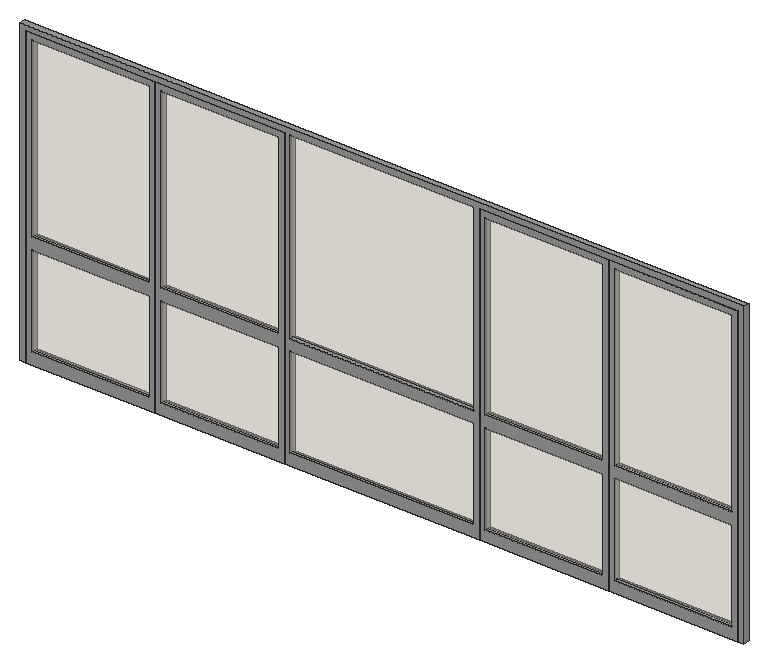
Revit family "DAL_A3-Aluminium-DD-Large-Panel-Module", category Doors, host Wall, Revit 2016
Family settings
  Host = Wall
  Always vertical = Yes
  Cut with Voids When Loaded = No
  Shared = No
  Room Calculation Point = No
Parameters (values of type "Aluminium DD Large Panel Module")
  Function = Interior
  Frame Projection Ext. = 25 mm
  Frame Projection Int. = 25 mm
  Frame Width = 75 mm
  Height = 2380 mm
  Wall Closure = By host
  Width = 5695 mm
  Assembly Code = ""
Reference planes
  plane 1: y = 0
  plane 2 "Center (Left/Right)": x = 0
  plane 3 "Left": x = -2847.5
  plane 4 "Right": x = 2847.5
  plane 5: z = 2380
  plane 6 "Exterior": y = 75
  plane 7 "Interior": y = -75
  plane 8: y = 0
  plane 9 "FRAME REF": y = 22.5
  plane 10 "GLASS REF": y = 5
Forms (mm)
  Extrusion 1, solid, material "ALUMINIUM"
    sketch origin (0, 22.5, 0) x (-1, 0, 0) y (0, 0, 1)
      loop
        line (-2847.5, 2380) -> (-2847.5, 0) -> (-2802.5, 0) -> (-2802.5, 2335) -> (-767.5, 2335) -> (-767.5, 0) -> (767.5, 0) -> (767.5, 2335) -> (2802.5, 2335) -> (2802.5, 0) -> (2847.5, 0) -> (2847.5, 2380) -> (-2847.5, 2380)
      loop
        line (-722.5, 2335) -> (-722.5, 900) -> (722.5, 900) -> (722.5, 2335) -> (-722.5, 2335)
      loop
        line (722.5, 90) -> (722.5, 810) -> (-722.5, 810) -> (-722.5, 90) -> (722.5, 90)
    from 0 to -45
  Extrusion 2, solid, material "ALUMINIUM"
    sketch origin (0, 22.5, 0) x (-1, 0, 0) y (0, 0, 1)
      loop
        line (-1785, 2335) -> (-2802.5, 2335) -> (-2802.5, 0) -> (-1785, 0) -> (-1785, 2335)
      loop
        line (-2757.5, 2290) -> (-2757.5, 900) -> (-1830, 900) -> (-1830, 2290) -> (-2757.5, 2290)
      loop
        line (-2757.5, 90) -> (-1830, 90) -> (-1830, 810) -> (-2757.5, 810) -> (-2757.5, 90)
    from 0 to -45
  Extrusion 3, solid, material "ALUMINIUM"
    sketch origin (3352.5, 22.5, 0) x (1, 0, 0) y (0, 0, -1)
      loop
        line (-1567.5, -2335) -> (-1567.5, 0) -> (-2585, 0) -> (-2585, -2335) -> (-1567.5, -2335)
      loop
        line (-2540, -2290) -> (-1612.5, -2290) -> (-1612.5, -900) -> (-2540, -900) -> (-2540, -2290)
      loop
        line (-2540, -90) -> (-2540, -810) -> (-1612.5, -810) -> (-1612.5, -90) -> (-2540, -90)
    from 0 to -45
  Extrusion 4, solid, material "ALUMINIUM"
    sketch origin (0, 22.5, 0) x (1, 0, 0) y (0, 0, -1)
      loop
        line (-1785, -2335) -> (-1785, 0) -> (-2802.5, 0) -> (-2802.5, -2335) -> (-1785, -2335)
      loop
        line (-2757.5, -2290) -> (-1830, -2290) -> (-1830, -900) -> (-2757.5, -900) -> (-2757.5, -2290)
      loop
        line (-2757.5, -90) -> (-2757.5, -810) -> (-1830, -810) -> (-1830, -90) -> (-2757.5, -90)
    from 0 to -45
  Extrusion 5, solid, material "ALUMINIUM"
    sketch origin (-3352.5, 22.5, 0) x (-1, 0, 0) y (0, 0, 1)
      loop
        line (-1567.5, 2335) -> (-2585, 2335) -> (-2585, 0) -> (-1567.5, 0) -> (-1567.5, 2335)
      loop
        line (-2540, 2290) -> (-2540, 900) -> (-1612.5, 900) -> (-1612.5, 2290) -> (-2540, 2290)
      loop
        line (-2540, 90) -> (-1612.5, 90) -> (-1612.5, 810) -> (-2540, 810) -> (-2540, 90)
    from 0 to -45
  Extrusion 6, solid, material "Glass"
    sketch origin (0, 5, 0) x (-1, 0, 0) y (0, 0, 1)
      loop
        line (-2757.5, 2290) -> (-2757.5, 900) -> (-1830, 900) -> (-1830, 2290) -> (-2757.5, 2290)
      loop
        line (-2757.5, 810) -> (-2757.5, 90) -> (-1830, 90) -> (-1830, 810) -> (-2757.5, 810)
      loop
        line (-1740, 2290) -> (-1740, 900) -> (-812.5, 900) -> (-812.5, 2290) -> (-1740, 2290)
      loop
        line (-1740, 810) -> (-1740, 90) -> (-812.5, 90) -> (-812.5, 810) -> (-1740, 810)
      loop
        line (812.5, 2290) -> (812.5, 900) -> (1740, 900) -> (1740, 2290) -> (812.5, 2290)
      loop
        line (1830, 2290) -> (1830, 900) -> (2757.5, 900) -> (2757.5, 2290) -> (1830, 2290)
      loop
        line (812.5, 810) -> (812.5, 90) -> (1740, 90) -> (1740, 810) -> (812.5, 810)
      loop
        line (1830, 810) -> (1830, 90) -> (2757.5, 90) -> (2757.5, 810) -> (1830, 810)
    from 0 to -10
  Extrusion 7, solid, material "Glass"
    sketch origin (0, 5, 0) x (-1, 0, 0) y (0, 0, 1)
      loop
        line (-722.5, 2335) -> (-722.5, 900) -> (722.5, 900) -> (722.5, 2335) -> (-722.5, 2335)
      loop
        line (-722.5, 90) -> (722.5, 90) -> (722.5, 810) -> (-722.5, 810) -> (-722.5, 90)
    from 0 to -10
Lines and regions (mm)
  Opening 1
    outline origin (-3050, -75, 0) x (1, 0, 0) y (0, 0, 1)
      loop
        line (202.5, 0) -> (5897.5, 0) -> (5897.5, 2380) -> (202.5, 2380) -> (202.5, 0)
  symbolic lines, style "Plan Swing"
    curve 1: line (-2802.5, 22.5, 0) -> (-2802.5, 1039.004, 0)
    curve 2: line (-2757.5, 22.5, 0) -> (-2802.5, 22.5, 0)
    curve 3: line (-2757.5, 1039.004, 0) -> (-2757.5, 22.5, 0)
    curve 4: line (-2802.5, 1039.004, 0) -> (-2757.5, 1039.004, 0)
    curve 15: arc (-1785, 22.5, 0) -> (-2067.281, 725.891, 0) -> (-2757.5, 1039.004, 0) r 1017.5
    curve 16: line (-767.5, 22.5, 0) -> (-767.5, 1039.004, 0)
    curve 17: line (-812.5, 22.5, 0) -> (-767.5, 22.5, 0)
    curve 18: line (-812.5, 1039.004, 0) -> (-812.5, 22.5, 0)
    curve 19: line (-767.5, 1039.004, 0) -> (-812.5, 1039.004, 0)
    curve 20: arc (-1785, 22.5, 0) -> (-1502.719, 725.891, 0) -> (-812.5, 1039.004, 0) r 1017.5
    curve 21: line (2802.5, 22.5, 0) -> (2802.5, 1039.004, 0)
    curve 22: line (2757.5, 22.5, 0) -> (2802.5, 22.5, 0)
    curve 23: line (2757.5, 1039.004, 0) -> (2757.5, 22.5, 0)
    curve 24: line (2802.5, 1039.004, 0) -> (2757.5, 1039.004, 0)
    curve 25: arc (1785, 22.5, 0) -> (2067.281, 725.891, 0) -> (2757.5, 1039.004, 0) r 1017.5
    curve 26: line (767.5, 22.5, 0) -> (767.5, 1039.004, 0)
    curve 27: line (812.5, 22.5, 0) -> (767.5, 22.5, 0)
    curve 28: line (812.5, 1039.004, 0) -> (812.5, 22.5, 0)
    curve 29: line (767.5, 1039.004, 0) -> (812.5, 1039.004, 0)
    curve 30: arc (1785, 22.5, 0) -> (1502.719, 725.891, 0) -> (812.5, 1039.004, 0) r 1017.5
  symbolic lines, style "Overhead"
    curve 5: line (-2847.5, 75, 0) -> (2847.5, 75, 0)
    curve 6: line (-2847.5, -75, 0) -> (2842.5, -75, 0)
  symbolic lines, style "Elevation Swing"
    curve 7: line (2802.5, 5, 2335) -> (1785, 5, 1167.5)
    curve 8: line (1785, 5, 1167.5) -> (2802.5, 5, 0)
    curve 9: line (1785, 5, 1167.5) -> (767.5, 5, 2335)
    curve 10: line (1785, 5, 1167.5) -> (767.5, 5, 0)
    curve 11: line (-767.5, 5, 2335) -> (-1785, 5, 1167.5)
    curve 12: line (-1785, 5, 1167.5) -> (-767.5, 5, 0)
    curve 13: line (-2802.5, 5, 2335) -> (-1785, 5, 1167.5)
    curve 14: line (-1785, 5, 1167.5) -> (-2802.5, 5, 0)
Text (mm)
  text "Exterior" at (-2295.016, 1099.543, 0), in view "Ref. Level"
  text "Exterior" at (0, 1615.38, 3698.081), in view "Left"
  text "Exterior" at (0, 1036.032, 3874.932), in view "Right"
Dimensions and locks
  equal spacing: plane 3 "Left", plane 2 "Center (Left/Right)", plane 4 "Right"
  "Width": plane 3 "Left" to plane 4 "Right"
  "Height": plane 5 to host wall
  host wall to plane 5 = 2380 mm  (x2)
  locked: plane 6 "Exterior" to host wall at 0
  locked: plane 7 "Interior" to host wall
  curve 4 to Extrusion 4 = 1016.504 mm
  aligned and locked: plane 3 "Left" to Opening 1 sketch curve
  aligned and locked: plane 5 to Opening 1 sketch curve  (x2)
  aligned and locked: Opening 1 sketch curve to plane 4 "Right"
  aligned and locked: Opening 1 sketch curve to level
  aligned and locked: host wall to plane 1
  aligned and locked: Extrusion 2 to Extrusion 6 sketch curve  (x2)
  aligned and locked: Extrusion 6 sketch curve to Extrusion 2  (x6)
  aligned and locked: Extrusion 3 to Extrusion 6 sketch curve  (x2)
  aligned and locked: Extrusion 6 sketch curve to Extrusion 3  (x6)
  aligned and locked: Extrusion 5 to Extrusion 6 sketch curve  (x2)
  aligned and locked: Extrusion 6 sketch curve to Extrusion 5  (x6)
  aligned and locked: Extrusion 4 to Extrusion 6 sketch curve  (x2)
  aligned and locked: Extrusion 6 sketch curve to Extrusion 4  (x6)
  aligned and locked: Extrusion 7 sketch curve to Extrusion 1  (x3)
  aligned and locked: Extrusion 1 to Extrusion 7 sketch curve
  aligned and locked: host wall to curve 5
  aligned and locked: curve 5 to host wall
  aligned and locked: curve 6 to host wall
  aligned and locked: host wall to curve 6
  aligned and locked: Extrusion 1 to curve 7
  aligned and locked: Extrusion 2 to curve 7
  aligned and locked: curve 8 to Extrusion 1
  aligned and locked: Extrusion 4 to curve 11
  aligned and locked: curve 13 to Extrusion 1
  aligned and locked: Extrusion 1 to curve 14
Automatic sketch dimensions
  Extrusion 2 sketch curve to level = 0 mm
  plane 4 "Right" to Extrusion 2 sketch curve = 45 mm
  plane 4 "Right" to Extrusion 2 sketch curve = 90 mm  (x2)
  plane 5 to Extrusion 2 sketch curve = 90 mm
  Extrusion 2 sketch curve to Extrusion 2 sketch curve = 927.5 mm
  Extrusion 2 sketch curve to Extrusion 2 sketch curve = 0 mm
  Extrusion 2 sketch curve to Extrusion 2 sketch curve = 45 mm
  level to Extrusion 2 sketch curve = 90 mm
  Extrusion 2 sketch curve to Extrusion 2 sketch curve = 720 mm
  Extrusion 2 sketch curve to Extrusion 2 sketch curve = 90 mm
  plane 5 to Extrusion 2 sketch curve = 45 mm
  Extrusion 4 sketch curve to level = 0 mm
  plane 3 "Left" to Extrusion 4 sketch curve = 45 mm
  plane 3 "Left" to Extrusion 4 sketch curve = 90 mm  (x2)
  Extrusion 4 sketch curve to plane 5 = 90 mm
  Extrusion 4 sketch curve to Extrusion 4 sketch curve = 927.5 mm
  Extrusion 4 sketch curve to Extrusion 4 sketch curve = 0 mm
  Extrusion 4 sketch curve to Extrusion 4 sketch curve = 45 mm
  Extrusion 4 sketch curve to level = 90 mm
  Extrusion 4 sketch curve to Extrusion 4 sketch curve = 720 mm
  Extrusion 4 sketch curve to Extrusion 4 sketch curve = 90 mm
  Extrusion 4 sketch curve to plane 5 = 45 mm
  Extrusion 3 sketch curve to level = 0 mm
  Extrusion 3 sketch curve to plane 5 = 45 mm
  Extrusion 3 sketch curve to plane 2 "Center (Left/Right)" = 767.5 mm
  Extrusion 3 sketch curve to plane 2 "Center (Left/Right)" = 812.5 mm
  Extrusion 3 sketch curve to Extrusion 3 sketch curve = 45 mm  (x2)
  Extrusion 3 sketch curve to plane 5 = 90 mm
  Extrusion 3 sketch curve to Extrusion 3 sketch curve = 927.5 mm
  Extrusion 3 sketch curve to Extrusion 3 sketch curve = 0 mm
  Extrusion 3 sketch curve to level = 90 mm
  Extrusion 3 sketch curve to Extrusion 3 sketch curve = 720 mm
  Extrusion 3 sketch curve to Extrusion 3 sketch curve = 90 mm
  Extrusion 5 sketch curve to level = 0 mm
  plane 5 to Extrusion 5 sketch curve = 45 mm
  Extrusion 5 sketch curve to plane 2 "Center (Left/Right)" = 767.5 mm
  Extrusion 5 sketch curve to plane 2 "Center (Left/Right)" = 812.5 mm
  Extrusion 5 sketch curve to Extrusion 5 sketch curve = 45 mm  (x2)
  plane 5 to Extrusion 5 sketch curve = 90 mm
  Extrusion 5 sketch curve to Extrusion 5 sketch curve = 927.5 mm
  Extrusion 5 sketch curve to Extrusion 5 sketch curve = 0 mm
  level to Extrusion 5 sketch curve = 90 mm
  Extrusion 5 sketch curve to Extrusion 5 sketch curve = 720 mm
  Extrusion 5 sketch curve to Extrusion 5 sketch curve = 90 mm
  Extrusion 1 sketch curve to plane 4 "Right" = 0 mm
  Extrusion 1 sketch curve to level = 0 mm  (x3)
  Extrusion 1 sketch curve to plane 3 "Left" = 0 mm
  Extrusion 1 sketch curve to plane 5 = 0 mm
  plane 4 "Right" to Extrusion 1 sketch curve = 45 mm
  plane 5 to Extrusion 1 sketch curve = 45 mm  (x2)
  plane 2 "Center (Left/Right)" to Extrusion 1 sketch curve = 767.5 mm
  Extrusion 1 sketch curve to Extrusion 1 sketch curve = 45 mm  (x3)
  level to Extrusion 1 sketch curve = 90 mm
  Extrusion 1 sketch curve to plane 2 "Center (Left/Right)" = 722.5 mm  (x2)
  Extrusion 1 sketch curve to plane 3 "Left" = 45 mm
  Extrusion 1 sketch curve to Extrusion 1 sketch curve = 720 mm
  Extrusion 1 sketch curve to Extrusion 1 sketch curve = 90 mm
  Extrusion 1 sketch curve to Extrusion 1 sketch curve = 0 mm
  plane 2 "Center (Left/Right)" to Extrusion 7 sketch curve = 722.5 mm
  Extrusion 7 sketch curve to Extrusion 7 sketch curve = 0 mm
  curve 10 to level = 0 mm
  curve 12 to level = 0 mm
  curve 14 to level = 0 mm
  curve 8 to level = 0 mm
  plane 2 "Center (Left/Right)" to curve 10 = 767.5 mm
  plane 5 to curve 9 = 45 mm
  plane 2 "Center (Left/Right)" to curve 9 = 767.5 mm
  plane 5 to curve 11 = 45 mm
  curve 11 to plane 2 "Center (Left/Right)" = 767.5 mm
  curve 12 to plane 2 "Center (Left/Right)" = 767.5 mm
  level to curve 9 = 1167.5 mm
  level to curve 13 = 1167.5 mm
  plane 5 to curve 13 = 45 mm
  plane 5 to curve 7 = 45 mm
  Extrusion 7 sketch curve to plane 2 "Center (Left/Right)" = 722.5 mm  (x2)
  curve 2 to plane 9 "FRAME REF" = 0 mm
  curve 15 to plane 9 "FRAME REF" = 0 mm
  curve 20 to plane 9 "FRAME REF" = 0 mm
  curve 18 to plane 9 "FRAME REF" = 0 mm
  curve 27 to plane 9 "FRAME REF" = 0 mm
  curve 30 to plane 9 "FRAME REF" = 0 mm
  curve 25 to plane 9 "FRAME REF" = 0 mm
  curve 22 to plane 9 "FRAME REF" = 0 mm
  curve 5 to plane 4 "Right" = 0 mm
  curve 2 to plane 3 "Left" = 45 mm
  curve 15 to curve 1 = 0 mm
  curve 1 to curve 3 = 45 mm
  curve 20 to curve 15 = 0 mm
  curve 19 to plane 2 "Center (Left/Right)" = 812.5 mm
  curve 17 to curve 16 = 45 mm
  curve 20 to curve 16 = 0 mm
  plane 2 "Center (Left/Right)" to curve 29 = 767.5 mm
  curve 30 to curve 26 = 0 mm
  curve 26 to curve 27 = 45 mm
  curve 27 to curve 25 = 972.5 mm
  curve 30 to curve 25 = 0 mm
  plane 4 "Right" to curve 23 = 90 mm
  curve 23 to curve 24 = 45 mm
  curve 25 to curve 21 = 0 mm
  plane 4 "Right" to curve 6 = 5 mm
